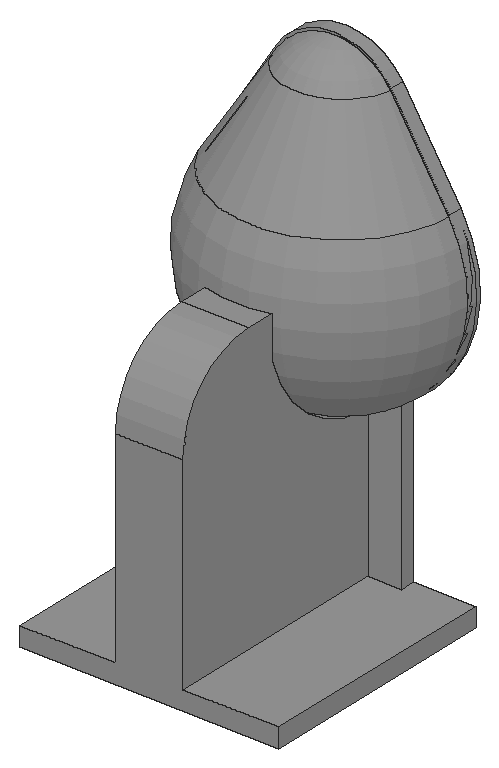
Revit family "Toilet-Willoughby-ETW-1490-CM-TS", category Plumbing Fixtures, Revit 2015
Parameters (values of type "Standard")
  Waste DIA = 2 3/8"
  Waste Connection = yes
  W-RAD [instance] = Waste DIA / 2  # 0' - 1 3/16"
  Vent Connection = no
  URL = "www.willoughby-ind.com"
  Type Comments = ""
  Revision = "A"
  Model = "ETW-1490-CM-TS"
  Manufacturer = "Willoughby Industries"
  HW Connection = no
  Flush inlet DIA = 1 1/2"
  Flush Inlet Connection = yes
  Fixture Body = Stainless Steel AISI 304-Willoughby
  F-RAD [instance] = Flush inlet DIA / 2  # 0' - 0 3/4"
  Description = "Carrier Mounted Blowout Toilet, Top spud"
  Default Elevation = 0' - 0"
  Contact Number = "(800) 428-4065"
  CW Connection = no
Reference planes (in)
  plane 1 "Base": y = -16.25
  plane 2: z = 0
  plane 3 "Center": x = 18.31072
  plane 4 "Waste height": y = -4.75
  plane 5 "Seat HGT": y = -1.25
  plane 6: y = -2.125
  plane 7 "Unit HGT Off Floor": y = -14.0625
  plane 8: x = 16.56072
  plane 9: x = 20.06072
  plane 10: x = 11.56072
  plane 11: x = 25.06072
  plane 12: z = 2.70924
Forms (in)
  Extrusion 1, solid, material "Stainless Steel AISI 304-Willoughby" <- "Fixture Body"
    sketch origin (16.08109, 7.47968, -7.1422) x (-1, 0, 0) y (0, 0, -1)
      loop
        line (1.29775, -16.80087) -> (1.29775, -7.1422) -> (-5.72963, -7.1422) -> (-5.72963, -16.81676)
        arc (-5.72963, -16.81676) -> (-8.98136, -21.11843) -> (-8.21015, -26.45542) r 7
        line (-8.21015, -26.45542) -> (-5.16818, -31.31054)
        arc (-5.16818, -31.31054) -> (-2.20225, -32.95225) -> (0.76368, -31.31054) r 3.5
        line (0.76368, -31.31054) -> (3.80565, -26.45542)
        arc (3.80565, -26.45542) -> (4.5729, -21.10311) -> (1.29775, -16.80087) r 7
      loop
        arc (2.03989, -24.70557) -> (-2.20225, -18.23804) -> (-6.44438, -24.70557) r 4.625
        line (-6.44438, -24.70557) -> (-4.04125, -30.23842)
        arc (-4.04125, -30.23842) -> (-2.20225, -31.45225) -> (-0.36324, -30.23842) r 2
        line (-0.36324, -30.23842) -> (2.03989, -24.70557)
    from 8.72968 to 9.5
  Revolve 2, solid, material "Stainless Steel AISI 304-Willoughby" <- "Fixture Body"
    sketch origin (19.37246, -1.52032, -3.93826) x (-1, 0, 0) y (0, 0, -1)
      loop
        line (1.06174, -12.59906) -> (1.06174, -12.84906)
        arc (1.06174, -12.84906) -> (6.96784, -16.33096) -> (6.78077, -23.18447) r 6.75
        line (6.78077, -23.18447) -> (3.81535, -27.91457)
        arc (3.81535, -27.91457) -> (2.63527, -29.03194) -> (1.06174, -29.43826) r 3.25
        line (1.06174, -29.43826) -> (1.06174, -29.68826)
        arc (1.06174, -29.68826) -> (2.75672, -29.25045) -> (4.02767, -28.04656) r 3.5
        line (4.02767, -28.04656) -> (7.06964, -23.19143)
        arc (7.06964, -23.19143) -> (7.15052, -16.14555) -> (1.06174, -12.59906) r 7
      axis (1.06174, -12.59906) -> (1.06174, -29.68826)
    angle from 0 to -180
  Extrusion 3, solid, material "Stainless Steel AISI 304-Willoughby" <- "Fixture Body"
    sketch origin (19.53334, -3.02032, -4.9508) x (0, 1, 0) y (0, 0, 1)
      loop
        line (-5.27082, 4.9508) -> (1, 4.9508) -> (1, 13.76086)
        arc (1, 13.76086) -> (-2.93256, 15.26109) -> (-5.27082, 18.76086) r 6.92744
        line (-5.27082, 18.76086) -> (-5.27082, 4.9508)
    from 0.52738 to -2.97262
  Extrusion 4, solid, material "Stainless Steel AISI 304-Willoughby" <- "Fixture Body"
    sketch origin (17.03334, 24.08792, -4.30581) x (0, 1, 0) y (0, 0, 1)
      loop
        line (-32.37906, 4.30581) -> (-32.37906, 20.30581) -> (-33.87467, 20.30581)
        arc (-33.87467, 20.30581) -> (-36.89808, 19.05347) -> (-38.15042, 16.03006) r 4.27575
        line (-38.15042, 16.03006) -> (-38.15042, 4.30581) -> (-32.37906, 4.30581)
    from -0.47262 to 3.02738
  Extrusion 5, solid, material "Stainless Steel AISI 304-Willoughby" <- "Fixture Body"
    sketch origin (0, 14.59309, 0) x (1, 0, 0) y (0, 1, 0)
      loop
        circle (18.31072, -19.34309) r 1.1875
    from 5.5 to 0
  Extrusion 6, solid, material "Stainless Steel AISI 304-Willoughby" <- "Fixture Body"
    sketch origin (0, 1.11185, 0) x (1, 0, 0) y (0, 0, 1)
      loop
        circle (18.31072, 2.70924) r 0.75
    from 2.36185 to 1.42435
  Extrusion 7, solid, material "Stainless Steel AISI 304-Willoughby" <- "Fixture Body"
    sketch origin (0, -16.25, 0) x (1, 0, 0) y (0, 0, 1)
      loop
        line (25.06072, 0) -> (25.06072, 1) -> (11.56072, 1) -> (11.56072, 0) -> (25.06072, 0)
    from -15 to -2.1875
Cuts and joins
  joined: Extrusion 1, Extrusion 3, Extrusion 4, Extrusion 7
Lines and regions (in)
  symbolic lines
    curve 1: line (25.06072, -14.0625, 0) -> (11.56072, -14.0625, 0)
    curve 2: line (11.56072, -14.0625, 0) -> (11.56072, -1.25, 0)
    curve 3: line (25.06072, -14.0625, 0) -> (25.06072, -1.25, 0)
    curve 4: line (11.28334, -2.02032, 0) -> (11.28334, -1.25, 0)
    curve 5: line (11.28334, -1.25, 0) -> (25.28334, -1.25, 0)
    curve 6: line (25.28334, -1.25, 0) -> (25.28334, -2.02032, 0)
    curve 7: arc (25.28334, -2.02032, 0) -> (23.07945, -6.64659, 0) -> (18.31072, -8.52239, 0) r 6.98245
    curve 8: arc (18.31072, -8.52239, 0) -> (13.52553, -6.64558, 0) -> (11.28334, -2.02032, 0) r 7.05594
    curve 9: line (16.56072, -14.0625, 0) -> (16.56072, -8.3002, 0)
    curve 10: line (20.06072, -14.0625, 0) -> (20.06072, -8.30127, 0)
    curve 11: line (14.78334, -16.25, 9.65867) -> (14.78334, -16.25, 1)
    curve 12: line (14.78334, -16.25, 1) -> (11.56072, -16.25, 1)
    curve 13: line (11.56072, -16.25, 1) -> (11.56072, -16.25, 0)
    curve 14: line (11.56072, -16.25, 0) -> (25.06072, -16.25, 0)
    curve 15: line (25.06072, -16.25, 0) -> (25.06072, -16.25, 1)
    curve 16: line (25.06072, -16.25, 1) -> (21.81072, -16.25, 1)
    curve 17: line (21.81072, -16.25, 1) -> (21.81072, -16.25, 9.67456)
    curve 18: arc (21.81072, -16.25, 9.67456) -> (25.08549, -16.25, 13.97031) -> (24.29124, -16.25, 19.31322) r 6.94437
    curve 19: line (24.29124, -16.25, 19.31322) -> (21.24927, -16.25, 24.16835)
    curve 20: arc (21.24927, -16.25, 24.16835) -> (18.28334, -16.25, 25.81005) -> (15.31741, -16.25, 24.16835) r 3.5
    curve 21: line (15.31741, -16.25, 24.16835) -> (12.35249, -16.25, 19.43905)
    curve 22: arc (12.35249, -16.25, 19.43905) -> (11.49002, -16.25, 14.03241) -> (14.78334, -16.25, 9.65867) r 7
    curve 27: line (18.31072, -14.0625, 11.72425) -> (18.31072, -14.0625, 0)
    curve 28: line (18.31072, -14.0625, 0) -> (18.31072, -1.25, 0)
    curve 29: line (18.31072, -1.25, 0) -> (18.31072, -1.25, 25.81005)
    curve 30: line (18.31072, -1.25, 25.81005) -> (18.31072, -2.02032, 25.81005)
    curve 31: arc (18.31072, -2.02032, 25.81005) -> (18.31072, -3.32362, 25.29235) -> (18.31072, -4.32667, 24.31229) r 3.56731
    curve 32: line (18.31072, -4.32667, 24.31229) -> (18.31072, -7.52822, 19.25317)
    curve 33: arc (18.31072, -7.52822, 19.25317) -> (18.31072, -8.24438, 17.6935) -> (18.31072, -8.52281, 16) r 6.43494
    curve 34: line (18.31072, -8.29114, 16) -> (18.31072, -9.78675, 16)
    curve 35: arc (18.31072, -9.78675, 16) -> (18.31072, -12.81016, 14.74766) -> (18.31072, -14.0625, 11.72425) r 4.27575
    curve 36: line (18.31072, -14.0625, 1) -> (18.31072, -1.25, 1)
    curve 37: line (18.31072, -2.02032, 1) -> (18.31072, -2.02032, 9.65867)
    curve 38: line (18.31072, -2.02032, 9.65867) -> (18.31072, -1.25, 9.65867)
    curve 39: arc (18.31072, -2.02032, 8.81005) -> (18.31072, -5.95289, 10.31029) -> (18.31072, -8.29114, 13.81005) r 6.92744
    curve 40: arc (18.31072, -8.29114, 13.81005) -> (18.31072, -8.33924, 14.90503) -> (18.31072, -8.29114, 16) r 12.48643
  symbolic lines, detail levels fine
    curve 23: arc (14.0412, -16.25, 17.56337) -> (18.28334, -16.25, 11.09585) -> (22.52547, -16.25, 17.56337) r 4.625
    curve 24: line (22.52547, -16.25, 17.56337) -> (20.12234, -16.25, 23.09622)
    curve 25: arc (20.12234, -16.25, 23.09622) -> (18.28334, -16.25, 24.30245) -> (16.44433, -16.25, 23.09622) r 2.00498
    curve 26: line (16.44433, -16.25, 23.09622) -> (14.0412, -16.25, 17.56337)
Dimensions and locks (in)
  plane 1 "Base" to plane 4 "Waste height" = 0' - 11 1/2"
  plane 1 "Base" to plane 5 "Seat HGT" = 1' - 3"
  plane 1 "Base" to plane 7 "Unit HGT Off Floor" = 0' - 2 3/16"
  plane 10 to plane 11 = 1' - 1 1/2"
  plane 10 to plane 3 "Center" = 0' - 6 3/4"
  "W-RAD": radius of Extrusion 5 sketch curve
  "F-RAD": radius of Extrusion 6 sketch curve
  aligned and locked: plane 3 "Center" to Extrusion 5 sketch curve
  aligned and locked: plane 4 "Waste height" to Extrusion 5 sketch curve
  aligned and locked: plane 3 "Center" to Extrusion 6 sketch curve
  aligned and locked: plane 12 to Extrusion 6 sketch curve
  aligned and locked: cut or joined group of Extrusion 1, Extrusion 3, Extrusion 4, Extrusion 7 to level
  aligned and locked: cut or joined group of Extrusion 1, Extrusion 3, Extrusion 4, Extrusion 7 to cut or joined group of Extrusion 1, Extrusion 3, Extrusion 4, Extrusion 7
  aligned and locked: plane 7 "Unit HGT Off Floor" to cut or joined group of Extrusion 1, Extrusion 3, Extrusion 4, Extrusion 7
Automatic sketch dimensions
  Extrusion 1 sketch curve to Extrusion 1 sketch curve = 0' - 0"  (x8)
  Extrusion 1 sketch curve to level = 0' - 0"
  plane 3 "Center" to Extrusion 1 sketch curve = 0' - 5.98052"
  Extrusion 1 sketch curve to Extrusion 1 sketch curve = 0' - 1.76576"  (x2)
  plane 3 "Center" to Extrusion 1 sketch curve = 0' - 3 1/2"
  plane 3 "Center" to Extrusion 1 sketch curve = 0' - 2.93855"
  Extrusion 1 sketch curve to Extrusion 1 sketch curve = 0' - 1.12693"  (x2)
  Extrusion 1 sketch curve to plane 3 "Center" = 0' - 0.02738"  (x2)
  Extrusion 1 sketch curve to plane 3 "Center" = 0' - 1.86639"
  Extrusion 1 sketch curve to plane 3 "Center" = 0' - 3.52738"
  Extrusion 1 sketch curve to plane 3 "Center" = 0' - 4 69/256"
  Extrusion 1 sketch curve to Extrusion 1 sketch curve = 0' - 9.65867"
  Extrusion 1 sketch curve to Extrusion 1 sketch curve = 0' - 0.01589"
  Extrusion 1 sketch curve to Extrusion 1 sketch curve = 0' - 6.06218"
  Extrusion 1 sketch curve to Extrusion 1 sketch curve = 0' - 1.74985"
  Extrusion 1 sketch curve to Extrusion 1 sketch curve = 0' - 4.74668"
  Extrusion 1 sketch curve to Extrusion 1 sketch curve = 0' - 0.78617"
  Extrusion 1 sketch curve to Extrusion 1 sketch curve = 0' - 1.07212"
  Revolve 2 sketch curve to Revolve 2 sketch curve = 0' - 0"  (x2)
  Revolve 2 sketch curve to plane 3 "Center" = 0' - 0"  (x3)
  plane 3 "Center" to Revolve 2 sketch curve = 0' - 0"
  Revolve 2 sketch curve to plane 3 "Center" = 0' - 2.75361"
  Revolve 2 sketch curve to Revolve 2 sketch curve = 0' - 0.21232"
  Revolve 2 sketch curve to Revolve 2 sketch curve = 0' - 2.96542"
  Revolve 2 sketch curve to Revolve 2 sketch curve = 0' - 0.28887"
  level to Revolve 2 sketch curve = 2' - 1 3/4"
  Revolve 2 sketch curve to Revolve 2 sketch curve = 0' - 0 1/4"
  Revolve 2 sketch curve to Revolve 2 sketch curve = 0' - 1.3917"
  Revolve 2 sketch curve to Revolve 2 sketch curve = 0' - 0.13199"
  Revolve 2 sketch curve to Revolve 2 sketch curve = 0' - 4.85513"
  Revolve 2 sketch curve to Revolve 2 sketch curve = 0' - 0.00696"
  Revolve 2 sketch curve to Revolve 2 sketch curve = 0' - 3 1/4"
  Revolve 2 sketch curve to Revolve 2 sketch curve = 0' - 3.3392"
  Revolve 2 sketch curve to Revolve 2 sketch curve = 0' - 2.4108"
  Extrusion 3 sketch curve to level = 0' - 0"
  plane 4 "Waste height" to Extrusion 3 sketch curve = 0' - 3.54114"
  plane 6 to Extrusion 3 sketch curve = 0' - 0.10468"
  plane 5 "Seat HGT" to Extrusion 3 sketch curve = 0' - 0.38413"
  Extrusion 3 sketch curve to Extrusion 3 sketch curve = 0' - 8.81005"
  Extrusion 3 sketch curve to Extrusion 3 sketch curve = 0' - 5"
  Extrusion 4 sketch curve to plane 7 "Unit HGT Off Floor" = 0' - 0"
  Extrusion 4 sketch curve to level = 0' - 0"
  Extrusion 4 sketch curve to plane 7 "Unit HGT Off Floor" = 0' - 4.27575"
  Extrusion 4 sketch curve to Extrusion 4 sketch curve = 0' - 1.49561"
  Extrusion 4 sketch curve to Extrusion 4 sketch curve = 0' - 11.72425"
  Extrusion 7 sketch curve to plane 10 = 0' - 0"
  Extrusion 7 sketch curve to plane 11 = 0' - 0"
  Extrusion 7 sketch curve to level = 0' - 0"
  level to Extrusion 7 sketch curve = 0' - 1"
  plane 5 "Seat HGT" to curve 5 = 0' - 0"
  plane 7 "Unit HGT Off Floor" to curve 2 = 0' - 0"
  curve 2 to plane 10 = 0' - 0"
  curve 9 to plane 8 = 0' - 0"
  curve 8 to plane 3 "Center" = 0' - 0"
  curve 7 to plane 3 "Center" = 0' - 0"
  curve 10 to plane 9 = 0' - 0"
  curve 3 to plane 11 = 0' - 0"
  plane 6 to curve 4 = 0' - 0.10468"
  plane 3 "Center" to curve 7 = 0' - 0.00671"
  plane 3 "Center" to curve 8 = 0' - 0.00678"
  curve 3 to curve 6 = 0' - 0.22262"
  plane 6 to curve 6 = 0' - 0.10468"
  curve 8 to curve 10 = 0' - 0.22112"
  curve 22 to curve 23 = 0' - 0"  (x2)
  curve 13 to plane 10 = 0' - 0"
  curve 16 to plane 11 = 0' - 0"
  curve 14 to level = 0' - 0"
  plane 10 to curve 21 = 0' - 0.79177"
  curve 11 to plane 8 = 0' - 1.77738"
  curve 21 to plane 8 = 0' - 1.24331"
  curve 22 to plane 3 "Center" = 0' - 0.02738"
  curve 25 to plane 3 "Center" = 0' - 0.02738"
  curve 20 to curve 25 = 0' - 0"
  plane 3 "Center" to curve 18 = 0' - 0.04954"
  plane 9 to curve 24 = 0' - 0.06162"
  plane 9 to curve 19 = 0' - 1.18855"
  plane 9 to curve 16 = 0' - 1 3/4"
  plane 9 to curve 24 = 0' - 2.46475"
  curve 19 to plane 11 = 0' - 0.76948"
  level to curve 12 = 0' - 1"
  level to curve 16 = 0' - 1"
  plane 12 to curve 11 = 0' - 6.94943"
  plane 12 to curve 17 = 0' - 6.96532"
  curve 17 to curve 18 = 0' - 6.02649"
  curve 18 to curve 23 = 0' - 0.01979"
  curve 24 to curve 18 = 0' - 1.74985"
  curve 24 to curve 25 = 0' - 4.7341"
  curve 25 to curve 20 = 0' - 0.01258"
  curve 20 to curve 24 = 0' - 0.78617"
  curve 20 to curve 21 = 0' - 1.8583"
  plane 10 to curve 23 = 0' - 2 123/256"
  curve 25 to plane 8 = 0' - 0.11639"
  curve 27 to plane 7 "Unit HGT Off Floor" = 0' - 0"
  curve 38 to plane 5 "Seat HGT" = 0' - 0"
  curve 27 to level = 0' - 0"
  curve 34 to plane 7 "Unit HGT Off Floor" = 0' - 4.27575"
  plane 4 "Waste height" to curve 32 = 0' - 2.77822"
  curve 32 to plane 4 "Waste height" = 0' - 0.42333"
  plane 6 to curve 33 = 0' - 0.03438"
  plane 6 to curve 30 = 0' - 0.10468"
  plane 6 to curve 38 = 0' - 0.10468"
  plane 5 "Seat HGT" to curve 39 = 0' - 0.38413"
  plane 5 "Seat HGT" to curve 31 = 0' - 0.13072"
  curve 40 to plane 5 "Seat HGT" = 0' - 5.39719"
  plane 12 to curve 37 = 0' - 6.94943"
  curve 37 to curve 35 = 0' - 2.06558"
  curve 40 to curve 39 = 0' - 0.82169"
  curve 39 to curve 33 = 0' - 0.08539"
  curve 34 to curve 32 = 0' - 3.25317"
  curve 33 to curve 31 = 0' - 6.48844"
  curve 31 to curve 32 = 0' - 2.01175"
  curve 33 to curve 34 = 0' - 0.23168"
  curve 40 to curve 34 = 0' - 0"
  level to curve 36 = 0' - 1"
  curve 39 to curve 37 = 0' - 0.84862"
Connectors (in)
  piping at (18.31072, -4.75, 0), diameter 2.375, driven by "W-RAD", driven by "Waste Connection"
    settings: on Extrusion 5, index 1, connector inside diameter 2 1/2", connector length 0' - 0", flow factor 0, pipe flow 0 GPM, pressure drop 0.00 psi, fitting loss kfactor 0, connector angle 0.00°, fixture units 0, engagement length 0' - 0", angle of deflection 0.00°, flow configuration 0, flow direction 2, fitting loss method 0, system type 16, joint type 0, gender type 0, connector reference index -1, connector utility 1, adjustable connector no, is connector primary yes, connector description "Toilet Waste"
  piping at (18.31072, -0.3125, 2.70924), diameter 1.5, driven by "F-RAD", driven by "Flush Inlet Connection"
    settings: on Extrusion 6, index 2, connector inside diameter 1 1/2", connector length 0' - 0", flow factor 0, pipe flow 0 GPM, pressure drop 0.00 psi, fitting loss kfactor 0, connector angle 0.00°, fixture units 0, engagement length 0' - 0", angle of deflection 0.00°, flow configuration 0, flow direction 1, fitting loss method 0, system type 20, joint type 0, gender type 0, connector reference index -1, connector utility 1, adjustable connector no, is connector primary no, connector description "Flush Inlet"
